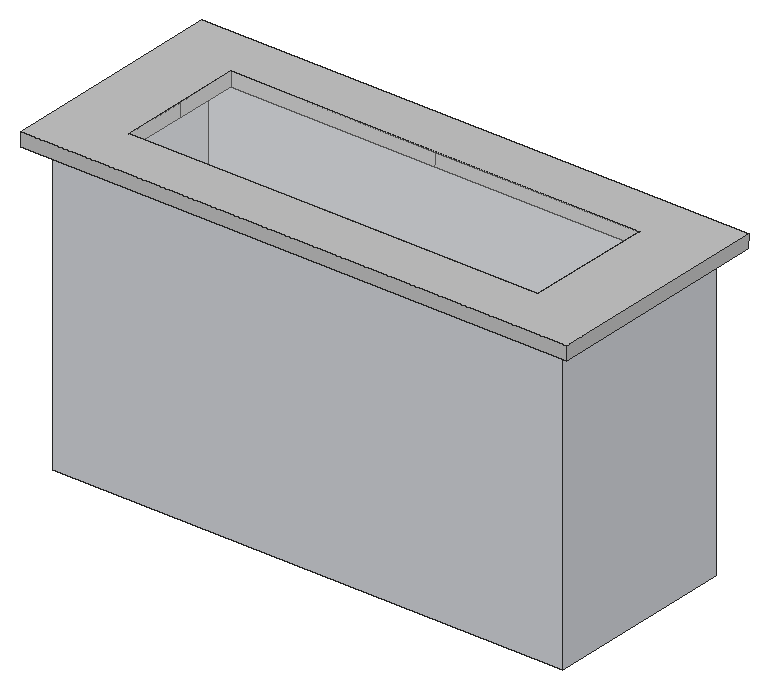
Revit family "22130_HOST_FACE", category Lighting Fixtures, host Face, Revit 2012
Parameters (values of type "Recessed Luminaires - Stainless Steel")
  Wattage = 1.68303 W
  built-in parameter 1150110 = 1 (stored number, unit not read)
  URL = "www.bega-us.com"
  built-in parameter 1114217 = 1 (stored number, unit not read)
  Tilt Angle = 90.00°
  built-in parameter 1150109 = 1 (stored number, unit not read)
  built-in parameter 1150134 = (empty or 0)
  Telephone = "805.648.0533"
  built-in parameter 1150113 = 1 (stored number, unit not read)
  Photometric Web File = "22130.IES"
  Model = "22130"
  Manufacturer = "BEGA-US"
  built-in parameter 1150105 = 19.894 (stored number, unit not read)
  Lumens = 250 lm
  built-in parameter 1150115 = 1 (stored number, unit not read)
  built-in parameter 1150137 = (empty or 0)
  built-in parameter 1150139 = (empty or 0)
  built-in parameter 1150112 = 1 (stored number, unit not read)
  built-in parameter 1150114 = 1 (stored number, unit not read)
  Lamp = "3W LED"
  built-in parameter 1150132 = 2
  built-in parameter 1150102 = (empty or 0)
  built-in parameter 1150107 = 3300 (stored number, unit not read)
  built-in parameter 1150138 = (empty or 0)
  built-in parameter 1150106 = 0.19894 (stored number, unit not read)
  built-in parameter 1150104 = 13.8 (stored number, unit not read)
  Dimming Lamp Color Temperature Shift = <None>
  Description = "Recessed wall - stainless steel with white tempered glass"
  Default Elevation = 4' - 0"
  Color Filter = 16777215
  built-in parameter 1114218 = 1 (stored number, unit not read)
  built-in parameter 1150133 = 10 (stored number, unit not read)
Reference planes (in)
  plane 1 "Center (Front/Back)": y = 0
  plane 2: z = 0
  plane 3 "Center (Left/Right)": x = 0
Dimensions and locks (in)
  aligned and locked: plane 2 to host face
  aligned and locked: level to host face
Nested families (in)
  nested 1: "2130LED" at (0, -2, -25.90625), type "2130LED"
Connectors (in)
  electrical at (0, 0, 0)
    settings: index 1, voltage 0 V, apparent load 0 VA, apparent load phase1 0 VA, apparent load phase2 0 VA, apparent load phase3 0 VA, power factor 1, load classification "Other", number of poles 1, system type 31, power factor state 1, is connector primary yes, connector utility no, sub classification motor no, connector description ""
Definition of nested family "2130LED"
  Parameters (values of type "2130LED")
    dim_B = 0' - 3 1/8"
    dim_A = 0' - 7 1/2"
  Reference planes (in)
    plane 1 "Center (Front/Back)": y = 0
    plane 2: z = 24
    plane 3 "Center (Left/Right)": x = 0
    plane 4 "Right Faceplate": x = 3.75
    plane 5 "Left Faceplate": x = -3.75
    plane 6 "Top Faceplate": z = 25.5625
    plane 7 "Bottom Faceplate": z = 22.4375
  Forms (in)
    Extrusion 1, solid, material "Stainless Steel"
      sketch origin (0, -22.09375, 25.90625) x (1, 0, 0) y (0, 1, 0)
        loop
          line (-3.75, 25.5625) -> (-3.75, 22.4375) -> (3.75, 22.4375) -> (3.75, 25.5625) -> (-3.75, 25.5625)
        loop
          line (0, 24.875) -> (-2.8125, 24.875) -> (-2.8125, 24) -> (-2.8125, 23.125) -> (0, 23.125) -> (2.8125, 23.125) -> (2.8125, 24) -> (2.8125, 24.875) -> (0, 24.875)
      from 0 to 0.1875
    Extrusion 2, solid, material "White safety glass"
      sketch origin (0, -22.09375, 25.90625) x (1, 0, 0) y (0, 1, 0)
        loop
          line (-2.8125, 24.875) -> (-2.8125, 23.125) -> (2.8125, 23.125) -> (2.8125, 24.875) -> (-2.8125, 24.875)
      from 0 to 0.1875
    Extrusion 3, solid
      sketch origin (0, 1.90625, 25.90625) x (1, 0, 0) y (0, 0, -1)
        loop
          line (0, 0) -> (3.5, 0) -> (3.5, 4) -> (-3.5, 4) -> (-3.5, 0) -> (0, 0)
      from -1.3125 to 1.3125
    Extrusion 4, void
      sketch origin (0, 1.90625, 25.90625) x (1, 0, 0) y (0, 0, -1)
        loop
          line (0, 3.875) -> (-3.375, 3.875) -> (-3.375, 0) -> (0, 0) -> (3.375, 0) -> (3.375, 3.875) -> (0, 3.875)
      from -1.1875 to 1.1875
  Cuts and joins
    Extrusion 4 cuts Extrusion 1
    Extrusion 4 cuts Extrusion 2
    Extrusion 4 cuts Extrusion 3
  Dimensions and locks (in)
    "dim_A": plane 4 "Right Faceplate" to plane 5 "Left Faceplate"
    "dim_B": plane 6 "Top Faceplate" to plane 7 "Bottom Faceplate"
    aligned and locked: plane 2 to level
  Automatic sketch dimensions
    Extrusion 1 sketch curve to plane 5 "Left Faceplate" = 0' - 0"
    Extrusion 1 sketch curve to plane 3 "Center (Left/Right)" = 0' - 0"  (x2)
    Extrusion 1 sketch curve to plane 4 "Right Faceplate" = 0' - 0"
    plane 5 "Left Faceplate" to Extrusion 1 sketch curve = 0' - 0 15/16"
    plane 4 "Right Faceplate" to Extrusion 1 sketch curve = 0' - 0 15/16"
    Extrusion 1 sketch curve to plane 1 "Center (Front/Back)" = 0' - 0 11/32"
    Extrusion 1 sketch curve to plane 1 "Center (Front/Back)" = 0' - 1 1/32"
    Extrusion 1 sketch curve to Extrusion 1 sketch curve = 0' - 0 7/8"  (x3)
    Extrusion 1 sketch curve to Extrusion 1 sketch curve = 0' - 0 11/16"
    plane 5 "Left Faceplate" to Extrusion 2 sketch curve = 0' - 0 15/16"
    plane 4 "Right Faceplate" to Extrusion 2 sketch curve = 0' - 0 15/16"
    Extrusion 2 sketch curve to plane 1 "Center (Front/Back)" = 0' - 1 1/32"
    Extrusion 2 sketch curve to Extrusion 2 sketch curve = 0' - 1 3/4"
    Extrusion 3 sketch curve to plane 3 "Center (Left/Right)" = 0' - 0"
    plane 5 "Left Faceplate" to Extrusion 3 sketch curve = 0' - 0 1/4"
    plane 4 "Right Faceplate" to Extrusion 3 sketch curve = 0' - 0 1/4"
    plane 6 "Top Faceplate" to Extrusion 3 sketch curve = 0' - 0 11/32"
    plane 7 "Bottom Faceplate" to Extrusion 3 sketch curve = 0' - 0 17/32"
    Extrusion 4 sketch curve to plane 3 "Center (Left/Right)" = 0' - 0"  (x2)
    plane 5 "Left Faceplate" to Extrusion 4 sketch curve = 0' - 0 3/8"
    plane 4 "Right Faceplate" to Extrusion 4 sketch curve = 0' - 0 3/8"
    plane 6 "Top Faceplate" to Extrusion 4 sketch curve = 0' - 0 11/32"
    plane 7 "Bottom Faceplate" to Extrusion 4 sketch curve = 0' - 0 13/32"
